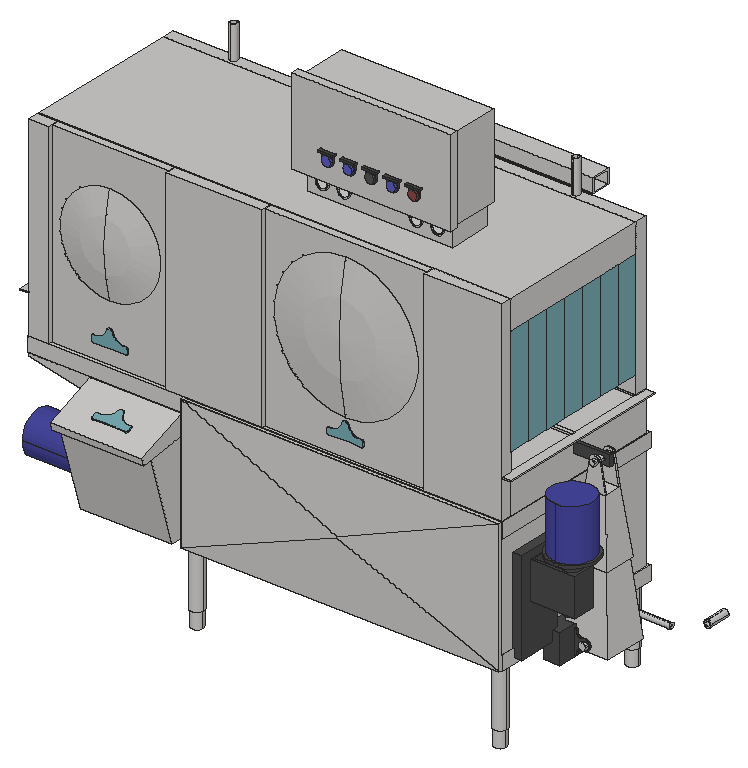
Revit family (continued)
Definition of nested family "QF_Stero_ER-66S_L-R_S_HW2"
  Parameters (values of type "Nested")
    Hot Water Size Radius [instance] = Hot Water Size / 2  # 1/8"
    Assembly Code = ""
  Reference planes (in)
    plane 1 "Center (Back)": y = 0
    plane 2: z = 0
    plane 3 "Center (Left)": x = 0
  Lines and regions (in)
    symbolic lines, style "QF_Multiple Utilities"
      curve 1: circle (0, 0, 0) r 0.125 normal (0, 0, 1)
  Dimensions and locks (in)
    "Hot Water Size Radius": radius of curve 1
    aligned and locked: level to plane 2
  Automatic sketch dimensions
    plane 1 "Center (Back)" to curve 1 = 0' - 0"
    curve 1 to plane 3 "Center (Left)" = 0' - 0"
Types (4): name | Watermarked By | Volts | Phase | FL Amps | Apparent Power
  (no name) | "" | 208 V | 1 | 12.5 A | 2600 VA
  208/60/1 | "http://revitwatermark.com" | 208 V | 1 | 12.5 A | 2600 VA
  208/60/3 | "" | 208 V | 3 | 12.5 A | 4498 VA
  480/60/3 | "" | 480 V | 3 | 6.9 A | 5729.76 VA
